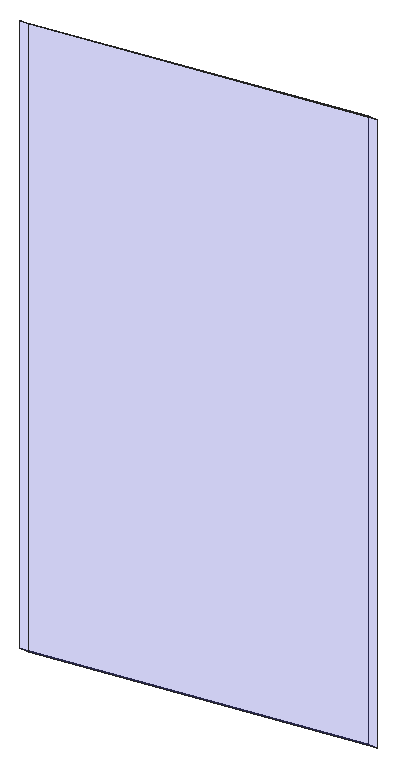
Revit family
Parameters (values of type "600mm Wide Panel 10mmV Gap")
  Width = 600 mm
  Vertical Gap = 10 mm
  built-in parameter 1008623 [instance] = (empty or 0)
  built-in parameter 1008625 [instance] = 32.47°
  Post = no
  built-in parameter 1008624 [instance] = (empty or 0)
  built-in parameter 1008622 [instance] = 750 mm
Types (4, lengths in mm): name | Width | Vertical Gap
  (no name) | 600 | 10
  800mm Wide Panel 20mmV Gap | 800 | 20
  1000mm Wide Panel 20mmV Gap | 1000 | 20
  600mm Wide Panel 10mmV Gap | 600 | 10
Reference planes
  plane 1 "Center (Front/Back)": y = 0
  plane 2: z = 0
  plane 3 "Center (Left/Right)": x = 0
  plane 4 "Top": z = 750
  plane 5 "Top Cut Angle": through (0, 339.699, 533.838) normal (0, -0.5369, -0.8437)
  plane 6 "Bottom Cut Angle": through (0, 0, 0) normal (0, -0.5369, -0.8437)
  plane 7 "Front": y = 300
  plane 8 "Back": y = -300
  plane 9: y = -290
  plane 10: y = 290
Forms (mm)
  Extrusion 1, solid, material "Glass"
    sketch origin (0, 0, 0) x (0, 1, 0) y (0, 0, 1)
      loop
        line (290, 565.463) -> (-290, 934.537) -> (-290, 184.537) -> (290, -184.537) -> (290, 565.463)
    from -6 to 6
Text (mm)
  text "Baluster Panel Elevation" at (0, 774.199, 1016.929), in view "Left"
Dimensions and locks
  "built-in parameter 1008622": plane 2 to plane 4 "Top"
  equal spacing: plane 7 "Front", plane 1 "Center (Front/Back)", plane 8 "Back"
  "Width": plane 7 "Front" to plane 8 "Back"
  "Vertical Gap": plane 8 "Back" to plane 9
  "Vertical Gap": plane 10 to plane 7 "Front"
  "built-in parameter 1008625": angle plane 4 "Top" to plane 5 "Top Cut Angle"
  "built-in parameter 1008625": angle level to plane 6 "Bottom Cut Angle"
  aligned and locked: Extrusion 1 sketch curve to plane 5 "Top Cut Angle"
  aligned and locked: Extrusion 1 sketch curve to plane 6 "Bottom Cut Angle"
  aligned and locked: plane 9 to Extrusion 1 sketch curve
  aligned and locked: Extrusion 1 sketch curve to plane 10
